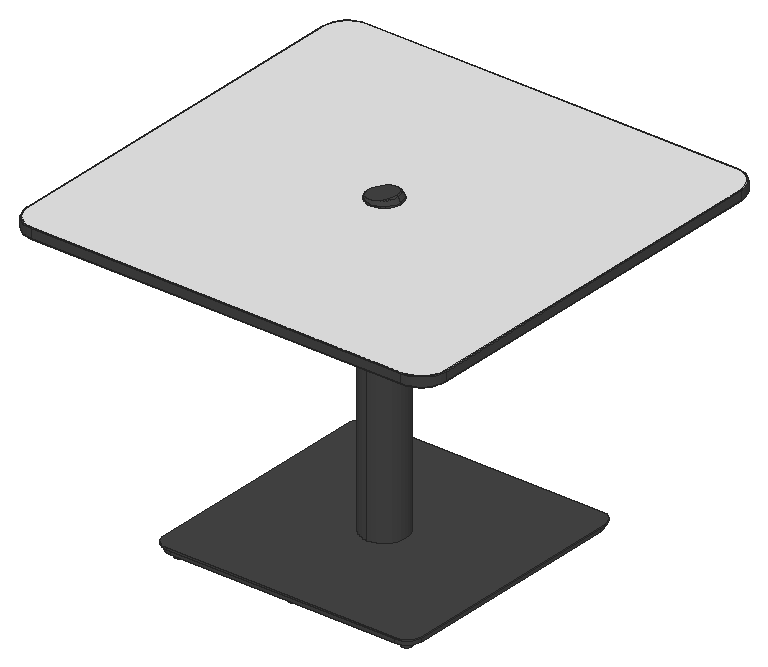
Revit family "DBLTD_TheSenatorGroup_OfficeTables_FortySevenXL", category Furniture, Revit 2021
Family settings
  OmniClass Number = 23.40.20.00
  OmniClass Title = General Furniture and Specialties
  Work Plane-Based = No
  Always vertical = Yes
  Cut with Voids When Loaded = No
  Shared = Yes
  Room Calculation Point = No
Parameters (values of type "Dining Square 1000 mm")
  WorktopMaterial [instance] = DBLTD_TheSenatorGroup_Wood_White
  WorksurfaceArea = NominalWidth * NominalDepth  # 1.00 m²
  WarrantyStartDate [instance] = " "
  WarrantyGuarantorParts = "https://www.thesenatorgroup.com/"
  WarrantyGuarantorLabor = "https://www.thesenatorgroup.com/"
  WarrantyDurationUnit = "years"
  WarrantyDurationParts = "5"
  WarrantyDurationLabor = "5"
  WarrantyDescription = "The Senator Group warrants that its manufactured products are free from manufacturing defects - in materials or workmanship - for a period of five (5) years.\r\nAllermuir will repair, or replace (at Allermuir’s sole discretion) with comparable free of charge materials/ components, any product/ component which fails under normal use in a single shift environment, as a result of a defect in the materials and/or workmanship.\r\n\r\nExceptions -\r\nNon-standard product - 2 years\r\nScreen-mounted Accessories/ Dry-wipe Boards - 2 years\r\nElectrical and/or electronic componentry - 2 years\r\n\r\nExclusions - Allermuir does not warrant:\r\nFailure due to normal “Wear and Tear”.\r\nNatural variations in appearance of wood - its grain, figure and colour.\r\nChanges in surface appearance resulting from exposure to light, and the natural ageing process of wood.\r\nChanges in surface appearance resulting from the misuse of cleaning materials and methods/ damage form sharp objects/ imprinting from writing implements.\r\nNatural variations in Leather - its marks, scars and wrinkles.\r\nProduct stored/ exposed to extreme operational conditions.\r\nConsumable components such as Fuses/ Lights/ lamps/ transformers/etc.\r\nOther Manufacturer’s product supplied by Allermuir (their own warranty shall apply where possible).\r\nNon-standard fabrics/ finishes or veneers used. Allermuir only checks the manufacturing quality of Customer’s\r\nOwn Material (COM) and provides no warranty for the finish/ fabric itself.\r\nProduct which has not been installed/ moved/ reconfigured by Allermuir approved personnel.\r\nAllermuir shall be under no liability whatsoever for any consequential damage, loss or other expenses whether arising out of contract, negligence or otherwise."
  Version = "1"
  Uniclass2015Version = "Products v1.15"
  Uniclass2015Title = "Office tables"
  Uniclass2015Code = "Pr_40_50_21_60"
  URL = "https://www.thesenatorgroup.com/"
  Type Comments = ModelReference  # "Dining Square 1000 mm"
  TopType = Nested_DBLTD_TheSenatorGroup_OfficeTables_FortySevenXL_Top : Square 1000
  TagNumber [instance] = " "
  SustainabilityPerformance = "n/a"
  Size = "740 x 1000 x 1000 mm"
  Shape = "Rectangular"
  SerialNumber [instance] = " "
  Revision = ""
  ReplacementCost = "n/a"
  ProductInformation = "https://www.allermuir.com/en/products/tables-storage/fortysevenxl"
  NumberOfChairs = 0
  NominalWidth = 1000 mm
  NominalHeight = 740 mm
  NominalDepth = 1000 mm
  Name = "Table"
  ModelReference = "Dining Square 1000 mm"
  ModelNumber = "FRSXLD10SQ"
  Model = ModelNumber  # "FRSXLD10SQ"
  Material = "Top; Laminate. Frame; Steel."
  ManufacturerURL = "https://www.thesenatorgroup.com/"
  ManufacturerName = "The Senator Group"
  LegEnd = no
  LegDistance = 1000 mm
  Keynote = Category  # "Pr_40_50_21_60 Office tables"
  InstallationDate [instance] = " "
  Grade = "n/a"
  FrameMaterial [instance] = DBLTD_TheSenatorGroup_Metal_Black
  Finish = "Frame; Black, White, Stone. Top; White, Grey, Platinum, Pewter Grey, Jet Black, Ash, Summer Oak, Biella Walnut. Edge; Solid Black, Solid White, Clear"
  Features = "n/a"
  ExpectedLife = "5"
  EdgeTrimMaterial [instance] = DBLTD_TheSenatorGroup_Wood_Black
  DurationUnit = "years"
  Cost = 0
  Constituents = "Base, Top, Cable Port"
  Color = "Frame; Black, White, Stone. Top; White, Grey, Platinum, Pewter Grey, Jet Black, Ash, Summer Oak, Biella Walnut. Edge; Solid Black, Solid White, Clear"
  CodePerformance = "n/a"
  LegCentre = yes
  Category = "Pr_40_50_21_60 Office tables"
  Manufacturer = ManufacturerName  # "The Senator Group"
  Description = ModelReference  # "Dining Square 1000 mm"
  Default Elevation = 0 mm
  BaseType = Nested_DBLTD_TheSenatorGroup_OfficeTables_FortySevenXL_Base_Square : Square 1000 & 1200
  BarCode [instance] = " "
  Author = "Diane Butterworth Ltd"
  AssetType = "Movable"
  AssetIdentifier [instance] = " "
  Assembly Code = "E2020200"
  AccessibilityPerformance = "n/a"
Types (24, lengths in mm): name | WorksurfaceArea | Type Comments | TopType | Size | NominalWidth | NominalHeight | NominalDepth | ModelReference | ModelNumber | Model | LegEnd | LegDistance | LegCentre | Description | BaseType
  Work Lounge Square 750 mm | 0.5625 m² | "Work Lounge Square 750 mm" | Nested_DBLTD_TheSenatorGroup_OfficeTables_FortySevenXL_Top : Square 750 | "640 x 750 x 750 mm" | 750 | 640 | 750 | "Work Lounge Square 750 mm" | "FRSXLW07SQ" | "FRSXLW07SQ" | no | 1000 | yes | "Work Lounge Square 750 mm" | Nested_DBLTD_TheSenatorGroup_OfficeTables_FortySevenXL_Base_Square : Square 750
  Work Lounge Square 900 mm | 0.81 m² | "Work Lounge Square 900 mm" | Nested_DBLTD_TheSenatorGroup_OfficeTables_FortySevenXL_Top : Square 900 | "640 x 900 x 900 mm" | 900 | 640 | 900 | "Work Lounge Square 900 mm" | "FRSXLW09SQ" | "FRSXLW09SQ" | no | 1000 | yes | "Work Lounge Square 900 mm" | Nested_DBLTD_TheSenatorGroup_OfficeTables_FortySevenXL_Base_Square : Square 900
  Work Lounge Round 750 mm | 0.5625 m² | "Work Lounge Round 750 mm" | Nested_DBLTD_TheSenatorGroup_OfficeTables_FortySevenXL_Top : Round 750 | "640 x 750 x 750 mm" | 750 | 640 | 750 | "Work Lounge Round 750 mm" | "FRSXLW07RD" | "FRSXLW07RD" | no | 1000 | yes | "Work Lounge Round 750 mm" | Nested_DBLTD_TheSenatorGroup_OfficeTables_FortySevenXL_Base_Round : Round 750
  Work Lounge Round 900 mm | 0.81 m² | "Work Lounge Round 900 mm" | Nested_DBLTD_TheSenatorGroup_OfficeTables_FortySevenXL_Top : Round 900 | "640 x 900 x 900 mm" | 900 | 640 | 900 | "Work Lounge Round 900 mm" | "FRSXLW09RD" | "FRSXLW09RD" | no | 1000 | yes | "Work Lounge Round 900 mm" | Nested_DBLTD_TheSenatorGroup_OfficeTables_FortySevenXL_Base_Round : Round 900
  Work Lounge Round 1000 mm | 1.00 m² | "Work Lounge Round 1000 mm" | Nested_DBLTD_TheSenatorGroup_OfficeTables_FortySevenXL_Top : Round 1000 | "640 x 1000 x 1000 mm" | 1000 | 640 | 1000 | "Work Lounge Round 1000 mm" | "FRSXLW10RD" | "FRSXLW10RD" | no | 1000 | yes | "Work Lounge Round 1000 mm" | Nested_DBLTD_TheSenatorGroup_OfficeTables_FortySevenXL_Base_Round : Round 1000 & 1200
  Dining Round 750 mm | 0.5625 m² | "Dining Round 750 mm" | Nested_DBLTD_TheSenatorGroup_OfficeTables_FortySevenXL_Top : Round 750 | "740 x 750 x 750 mm" | 750 | 740 | 750 | "Dining Round 750 mm" | "FRSXLD07RD" | "FRSXLD07RD" | no | 1000 | yes | "Dining Round 750 mm" | Nested_DBLTD_TheSenatorGroup_OfficeTables_FortySevenXL_Base_Round : Round 750
  Dining Round 900 mm | 0.81 m² | "Dining Round 900 mm" | Nested_DBLTD_TheSenatorGroup_OfficeTables_FortySevenXL_Top : Round 900 | "740 x 900 x 900 mm" | 900 | 740 | 900 | "Dining Round 900 mm" | "FRSXLD09RD" | "FRSXLD09RD" | no | 1000 | yes | "Dining Round 900 mm" | Nested_DBLTD_TheSenatorGroup_OfficeTables_FortySevenXL_Base_Round : Round 900
  Dining Round 1000 mm | 1.00 m² | "Dining Round 1000 mm" | Nested_DBLTD_TheSenatorGroup_OfficeTables_FortySevenXL_Top : Round 1000 | "740 x 1000 x 1000 mm" | 1000 | 740 | 1000 | "Dining Round 1000 mm" | "FRSXLD10RD" | "FRSXLD10RD" | no | 1000 | yes | "Dining Round 1000 mm" | Nested_DBLTD_TheSenatorGroup_OfficeTables_FortySevenXL_Base_Round : Round 1000 & 1200
  Dining Round 1200 mm | 1.44 m² | "Dining Round 1200 mm" | Nested_DBLTD_TheSenatorGroup_OfficeTables_FortySevenXL_Top : Round 1200 | "740 x 1200 x 1200 mm" | 1200 | 740 | 1200 | "Dining Round 1200 mm" | "FRSXLD12RD" | "FRSXLD12RD" | no | 1000 | yes | "Dining Round 1200 mm" | Nested_DBLTD_TheSenatorGroup_OfficeTables_FortySevenXL_Base_Round : Round 1000 & 1200
  Dining Square 750 mm | 0.5625 m² | "Dining Square 750 mm" | Nested_DBLTD_TheSenatorGroup_OfficeTables_FortySevenXL_Top : Square 750 | "740 x 750 x 750 mm" | 750 | 740 | 750 | "Dining Square 750 mm" | "FRSXLD07SQ" | "FRSXLD07SQ" | no | 1000 | yes | "Dining Square 750 mm" | Nested_DBLTD_TheSenatorGroup_OfficeTables_FortySevenXL_Base_Square : Square 750
  Dining Square 900 mm | 0.81 m² | "Dining Square 900 mm" | Nested_DBLTD_TheSenatorGroup_OfficeTables_FortySevenXL_Top : Square 900 | "740 x 900 x 900 mm" | 900 | 740 | 900 | "Dining Square 900 mm" | "FRSXLD09SQ" | "FRSXLD09SQ" | no | 1000 | yes | "Dining Square 900 mm" | Nested_DBLTD_TheSenatorGroup_OfficeTables_FortySevenXL_Base_Square : Square 900
  Dining Square 1000 mm | 1.00 m² | "Dining Square 1000 mm" | Nested_DBLTD_TheSenatorGroup_OfficeTables_FortySevenXL_Top : Square 1000 | "740 x 1000 x 1000 mm" | 1000 | 740 | 1000 | "Dining Square 1000 mm" | "FRSXLD10SQ" | "FRSXLD10SQ" | no | 1000 | yes | "Dining Square 1000 mm" | Nested_DBLTD_TheSenatorGroup_OfficeTables_FortySevenXL_Base_Square : Square 1000 & 1200
  Dining Square 1200 mm | 1.44 m² | "Dining Square 1200 mm" | Nested_DBLTD_TheSenatorGroup_OfficeTables_FortySevenXL_Top : Square 1200 | "740 x 1200 x 1200 mm" | 1200 | 740 | 1200 | "Dining Square 1200 mm" | "FRSXLD12SQ" | "FRSXLD12SQ" | no | 1000 | yes | "Dining Square 1200 mm" | Nested_DBLTD_TheSenatorGroup_OfficeTables_FortySevenXL_Base_Square : Square 1000 & 1200
  Dining Rectangular 1000 x 900 mm | 0.90 m² | "Dining Rectangular 1000 x 900 mm" | Nested_DBLTD_TheSenatorGroup_OfficeTables_FortySevenXL_Top : Rectangular 1000 x 900 | "740 x 1000 x 900 mm" | 1000 | 740 | 900 | "Dining Rectangular 1000 x 900 mm" | "FRSXLD1009RC" | "FRSXLD1009RC" | no | 1000 | yes | "Dining Rectangular 1000 x 900 mm" | Nested_DBLTD_TheSenatorGroup_OfficeTables_FortySevenXL_Base_Square : Square 1000 & 1200
  Dining Rectangular 1200 x 900 mm | 1.08 m² | "Dining Rectangular 1200 x 900 mm" | Nested_DBLTD_TheSenatorGroup_OfficeTables_FortySevenXL_Top : Rectangular 1200 x 900 | "740 x 1200 x 900 mm" | 1200 | 740 | 900 | "Dining Rectangular 1200 x 900 mm" | "FRSXLD1209RC" | "FRSXLD1209RC" | no | 1000 | yes | "Dining Rectangular 1200 x 900 mm" | Nested_DBLTD_TheSenatorGroup_OfficeTables_FortySevenXL_Base_Square : Square 1000 & 1200
  Dining Rectangular 1200 x 1000 mm | 1.20 m² | "Dining Rectangular 1200 x 1000 mm" | Nested_DBLTD_TheSenatorGroup_OfficeTables_FortySevenXL_Top : Rectangular 1200 x 1000 | "740 x 1200 x 1000 mm" | 1200 | 740 | 1000 | "Dining Rectangular 1200 x 1000 mm" | "FRSXLD1210RC" | "FRSXLD1210RC" | no | 1000 | yes | "Dining Rectangular 1200 x 1000 mm" | Nested_DBLTD_TheSenatorGroup_OfficeTables_FortySevenXL_Base_Square : Square 1000 & 1200
  Dining Rectangular 1500 x 900 mm | 1.35 m² | "Dining Rectangular 1500 x 900 mm" | Nested_DBLTD_TheSenatorGroup_OfficeTables_FortySevenXL_Top : Rectangular 1500 x 900 | "740 x 1500 x 900 mm" | 1500 | 740 | 900 | "Dining Rectangular 1500 x 900 mm" | "FRSXLD1509RC" | "FRSXLD1509RC" | yes | 315 | no | "Dining Rectangular 1500 x 900 mm" | Nested_DBLTD_TheSenatorGroup_OfficeTables_FortySevenXL_Base_Square : Square 900
  Dining Rectangular 1800 x 900 mm | 1.62 m² | "Dining Rectangular 1800 x 900 mm" | Nested_DBLTD_TheSenatorGroup_OfficeTables_FortySevenXL_Top : Rectangular 1800 x 900 | "740 x 1800 x 900 mm" | 1800 | 740 | 900 | "Dining Rectangular 1800 x 900 mm" | "FRSXLD1809RC" | "FRSXLD1809RC" | yes | 465 | no | "Dining Rectangular 1800 x 900 mm" | Nested_DBLTD_TheSenatorGroup_OfficeTables_FortySevenXL_Base_Square : Square 900
  Dining Rectangular 2100 x 900 mm | 1.89 m² | "Dining Rectangular 2100 x 900 mm" | Nested_DBLTD_TheSenatorGroup_OfficeTables_FortySevenXL_Top : Rectangular 2100 x 900 | "740 x 2100 x 900 mm" | 2100 | 740 | 900 | "Dining Rectangular 2100 x 900 mm" | "FRSXLD2109RC" | "FRSXLD2109RC" | yes | 543.5 | no | "Dining Rectangular 2100 x 900 mm" | Nested_DBLTD_TheSenatorGroup_OfficeTables_FortySevenXL_Base_Square : Square 900
  Dining Rectangular 2400 x 900 mm | 2.16 m² | "Dining Rectangular 2400 x 900 mm" | Nested_DBLTD_TheSenatorGroup_OfficeTables_FortySevenXL_Top : Rectangular 2400 x 900 | "740 x 2400 x 900 mm" | 2400 | 740 | 900 | "Dining Rectangular 2400 x 900 mm" | "FRSXLD2409RC" | "FRSXLD2409RC" | yes | 693.5 | no | "Dining Rectangular 2400 x 900 mm" | Nested_DBLTD_TheSenatorGroup_OfficeTables_FortySevenXL_Base_Square : Square 900
  Dining Rectangular 1500 x 1000 mm | 1.50 m² | "Dining Rectangular 1500 x 1000 mm" | Nested_DBLTD_TheSenatorGroup_OfficeTables_FortySevenXL_Top : Rectangular 1500 x 1000 | "740 x 1500 x 1000 mm" | 1500 | 740 | 1000 | "Dining Rectangular 1500 x 1000 mm" | "FRSXLD1510RC" | "FRSXLD1510RC" | yes | 315 | no | "Dining Rectangular 1500 x 1000 mm" | Nested_DBLTD_TheSenatorGroup_OfficeTables_FortySevenXL_Base_Square : Square 1000 & 1200
  Dining Rectangular 1800 x 1000 mm | 1.80 m² | "Dining Rectangular 1800 x 1000 mm" | Nested_DBLTD_TheSenatorGroup_OfficeTables_FortySevenXL_Top : Rectangular 1800 x 1000 | "740 x 1800 x 1000 mm" | 1800 | 740 | 1000 | "Dining Rectangular 1800 x 1000 mm" | "FRSXLD1810RC" | "FRSXLD1810RC" | yes | 465 | no | "Dining Rectangular 1800 x 1000 mm" | Nested_DBLTD_TheSenatorGroup_OfficeTables_FortySevenXL_Base_Square : Square 1000 & 1200
  Dining Rectangular 2100 x 1000 mm | 2.10 m² | "Dining Rectangular 2100 x 1000 mm" | Nested_DBLTD_TheSenatorGroup_OfficeTables_FortySevenXL_Top : Rectangular 2100 x 1000 | "740 x 2100 x 1000 mm" | 2100 | 740 | 1000 | "Dining Rectangular 2100 x 1000 mm" | "FRSXLD2110RC" | "FRSXLD2110RC" | yes | 543.5 | no | "Dining Rectangular 2100 x 1000 mm" | Nested_DBLTD_TheSenatorGroup_OfficeTables_FortySevenXL_Base_Square : Square 1000 & 1200
  Dining Rectangular 2400 x 1000 mm | 2.40 m² | "Dining Rectangular 2400 x 1000 mm" | Nested_DBLTD_TheSenatorGroup_OfficeTables_FortySevenXL_Top : Rectangular 2400 x 1000 | "740 x 2400 x 1000 mm" | 2400 | 740 | 1000 | "Dining Rectangular 2400 x 1000 mm" | "FRSXLD2410RC" | "FRSXLD2410RC" | yes | 693.5 | no | "Dining Rectangular 2400 x 1000 mm" | Nested_DBLTD_TheSenatorGroup_OfficeTables_FortySevenXL_Base_Square : Square 1000 & 1200
Reference planes
  plane 1 "Center (Front/Back)": y = 0
  plane 2: z = 0
  plane 3 "Center (Left/Right)": x = 0
  plane 4: z = 740
  plane 5: z = 715
  plane 6: x = 1000
  plane 7: x = -1000
Dimensions and locks
  "NominalHeight": plane 4 to level
  plane 4 to plane 5 = 25 mm
  "LegDistance": plane 7 to plane 3 "Center (Left/Right)"
  "LegDistance": plane 3 "Center (Left/Right)" to plane 6
  aligned and locked: level to plane 2
  aligned and locked: plane 4 to nested 3
  aligned and locked: plane 4 to nested 1
  aligned and locked: plane 7 to nested 4
  aligned and locked: plane 6 to nested 5
  aligned and locked: plane 7 to nested 6
  aligned and locked: plane 6 to nested 7
  aligned and locked: plane 4 to nested 6
  aligned and locked: plane 4 to nested 7
Nested families
  nested 1: "Nested_DBLTD_TheSenatorGroup_OfficeTables_FortySevenXL_Port" at (0, 0, 740), visible <- "LegCentre", type "Nested_DBLTD_TheSenatorGroup_OfficeTables_FortySevenXL_Port"
  nested 2: "Nested_DBLTD_TheSenatorGroup_OfficeTables_FortySevenXL_Base_Square" at (0, 0, 0), FrameMaterial <- "FrameMaterial", type <- "BaseType", Height <- "NominalHeight", visible <- "LegCentre", type "Square 1000 & 1200"
    with Height 740 mm, FrameMaterial DBLTD_TheSenatorGroup_Metal_Black
  nested 3: "Nested_DBLTD_TheSenatorGroup_OfficeTables_FortySevenXL_Top" at (0, 0, 715), WorktopMaterial <- "WorktopMaterial", EdgeTrimMaterial <- "EdgeTrimMaterial", type <- "TopType", type "Square 1000"
    with WorktopMaterial DBLTD_TheSenatorGroup_Wood_White, EdgeTrimMaterial DBLTD_TheSenatorGroup_Wood_Black
  nested 4: "Nested_DBLTD_TheSenatorGroup_OfficeTables_FortySevenXL_Base_Square" at (-1000, 0, 0), FrameMaterial <- "FrameMaterial", type <- "BaseType", Height <- "NominalHeight", visible <- "LegEnd", type "Square 1000 & 1200"
    with Height 740 mm, FrameMaterial DBLTD_TheSenatorGroup_Metal_Black
  nested 5: "Nested_DBLTD_TheSenatorGroup_OfficeTables_FortySevenXL_Base_Square" at (1000, 0, 0) x (-1, 0, 0) z (0, 0, 1), FrameMaterial <- "FrameMaterial", type <- "BaseType", Height <- "NominalHeight", visible <- "LegEnd", type "Square 1000 & 1200"
    with Height 740 mm, FrameMaterial DBLTD_TheSenatorGroup_Metal_Black
  nested 6: "Nested_DBLTD_TheSenatorGroup_OfficeTables_FortySevenXL_Port" at (-1000, 0, 740), visible <- "LegEnd", type "Nested_DBLTD_TheSenatorGroup_OfficeTables_FortySevenXL_Port"
  nested 7: "Nested_DBLTD_TheSenatorGroup_OfficeTables_FortySevenXL_Port" at (1000, 0, 740), visible <- "LegEnd", type "Nested_DBLTD_TheSenatorGroup_OfficeTables_FortySevenXL_Port"
Definition of nested family "Nested_DBLTD_TheSenatorGroup_OfficeTables_FortySevenXL_Port"
  Parameters (values of type "Nested_DBLTD_TheSenatorGroup_OfficeTables_FortySevenXL_Port")
    Default Elevation = 0 mm
  Reference planes
    plane 1 "Center (Front/Back)": y = 0
    plane 2: z = 0
    plane 3 "Center (Left/Right)": x = 0
    plane 4: x = -375
    plane 5: x = 375
    plane 6: y = 375
    plane 7: y = -375
  Forms (mm)
    Revolve 1, solid
      sketch origin (0, 0, 0) x (1, 0, 0) y (0, 0, 1)
        loop
          line (0, 0) -> (39.394, 0) -> (39.394, 3.36) -> (32.697, 12.924)
          arc (32.697, 12.924) -> (30.434, 14.909) -> (27.509, 15.625) r 6.333
          line (27.509, 15.625) -> (0, 15.625) -> (0, 0)
        axis (0, 15.625) -> (0, 0)
      angle from 0 to 360
    Extrusion 2, void
      sketch origin (0, 0, 0) x (1, 0, 0) y (0, 0, 1)
        loop
          line (-40.444, 3.177) -> (30.806, 15.625) -> (-40.444, 15.625) -> (-40.444, 3.177)
      from -43.174 to 45.647
  Cuts and joins
    Extrusion 2 cuts Revolve 1
  Dimensions and locks
    equal spacing: plane 6, plane 1 "Center (Front/Back)", plane 7
    equal spacing: plane 4, plane 3 "Center (Left/Right)", plane 5
    plane 6 to plane 7 = 750 mm
    plane 4 to plane 5 = 750 mm
    aligned and locked: level to plane 2
  Automatic sketch dimensions
    plane 3 "Center (Left/Right)" to Extrusion 2 sketch curve = 30.806 mm
    level to Extrusion 2 sketch curve = 15.625 mm
    Extrusion 2 sketch curve to plane 3 "Center (Left/Right)" = 40.444 mm
    level to Extrusion 2 sketch curve = 3.177 mm
    Revolve 1 sketch curve to level = 0 mm
    Revolve 1 sketch curve to plane 3 "Center (Left/Right)" = 0 mm  (x2)
    level to Revolve 1 sketch curve = 9.292 mm
    plane 3 "Center (Left/Right)" to Revolve 1 sketch curve = 27.509 mm
    level to Revolve 1 sketch curve = 12.924 mm
    Revolve 1 sketch curve to Revolve 1 sketch curve = 5.188 mm
    level to Revolve 1 sketch curve = 3.36 mm
    Revolve 1 sketch curve to Revolve 1 sketch curve = 6.697 mm
    Revolve 1 sketch curve to Revolve 1 sketch curve = 7.261 mm
    Revolve 1 sketch curve to Revolve 1 sketch curve = 2.114 mm
Definition of nested family "Nested_DBLTD_TheSenatorGroup_OfficeTables_FortySevenXL_Base_Square"
  Parameters (values of type "Square 900")
    Height [instance] = 652.275 mm
    FrameMaterial [instance] = none
    Default Elevation = 0 mm
    900 = yes
    750 = no
    1000 = no
  Types (3, lengths in mm): name | 900 | 750 | 1000
    Square 750 | no | yes | no
    Square 900 | yes | no | no
    Square 1000 & 1200 | no | no | yes
  Reference planes
    plane 1 "Center (Front/Back)": y = 0
    plane 2: z = 0
    plane 3 "Center (Left/Right)": x = 0
    plane 4: z = 652.275
    plane 5: z = 627.275
    plane 6: z = 622.275
  Forms (mm)
    Revolve 1, solid, material <- "FrameMaterial"
      sketch origin (0, 0, 0) x (0, 1, 0) y (0, 0, 1)
        loop
          line (0, 30.49) -> (0, 608.775) -> (-50.8, 608.775) -> (-50.8, 30.49) -> (0, 30.49)
        axis (0, 608.775) -> (0, 30.49)
      angle from 0 to 360
    Extrusion 2, solid, material <- "FrameMaterial", visible <- "750"
      sketch origin (0, 0, 0) x (1, 0, 0) y (0, 1, 0)
        loop
          arc (-192.5, 232.5) -> (-220.784, 220.784) -> (-232.5, 192.5) r 40
          line (-232.5, 192.5) -> (-232.5, -192.5)
          arc (-232.5, -192.5) -> (-220.784, -220.784) -> (-192.5, -232.5) r 40
          line (-192.5, -232.5) -> (192.5, -232.5)
          arc (192.5, -232.5) -> (220.784, -220.784) -> (232.5, -192.5) r 40
          line (232.5, -192.5) -> (232.5, 192.5)
          arc (232.5, 192.5) -> (220.784, 220.784) -> (192.5, 232.5) r 40
          line (192.5, 232.5) -> (-192.5, 232.5)
      from 27.49 to 30.49
    Extrusion 3, solid, material <- "FrameMaterial", visible <- "750"
      sketch origin (0, 0, 0) x (1, 0, 0) y (0, 1, 0)
        loop
          arc (-192.5, 227) -> (-216.895, 216.895) -> (-227, 192.5) r 34.5
          line (-227, 192.5) -> (-227, -192.5)
          arc (-227, -192.5) -> (-216.895, -216.895) -> (-192.5, -227) r 34.5
          line (-192.5, -227) -> (192.5, -227)
          arc (192.5, -227) -> (216.895, -216.895) -> (227, -192.5) r 34.5
          line (227, -192.5) -> (227, 192.5)
          arc (227, 192.5) -> (216.895, 216.895) -> (192.5, 227) r 34.5
          line (192.5, 227) -> (-192.5, 227)
      from 15.49 to 27.49
    Extrusion 4, solid, visible <- "750"
      sketch origin (0, 0, 0) x (1, 0, 0) y (0, 1, 0)
        loop
          circle (-195.016, 195.016) r 12
        loop
          circle (0, 195.016) r 12
        loop
          circle (195.016, 195.016) r 12
        loop
          circle (-195.016, -195.016) r 12
        loop
          circle (0, -195.016) r 12
        loop
          circle (195.016, -195.016) r 12
        loop
          circle (-195.016, 0) r 12
        loop
          circle (195.016, 0) r 12
      from 0 to 15.49
    Extrusion 5, solid, material <- "FrameMaterial"
      sketch origin (0, 0, 15.6) x (1, 0, 0) y (0, 1, 0)
        loop
          arc (-95.5, 175.5) -> (-152.069, 152.069) -> (-175.5, 95.5) r 80
          line (-175.5, 95.5) -> (-175.5, -95.5)
          arc (-175.5, -95.5) -> (-152.069, -152.069) -> (-95.5, -175.5) r 80
          line (-95.5, -175.5) -> (95.5, -175.5)
          arc (95.5, -175.5) -> (152.069, -152.069) -> (175.5, -95.5) r 80
          line (175.5, -95.5) -> (175.5, 95.5)
          arc (175.5, 95.5) -> (152.069, 152.069) -> (95.5, 175.5) r 80
          line (95.5, 175.5) -> (-95.5, 175.5)
      from 606.675 to 611.675
    Extrusion 6, solid, material <- "FrameMaterial", visible <- "900"
      sketch origin (0, 0, 0) x (1, 0, 0) y (0, 1, 0)
        loop
          arc (-222.5, 257.5) -> (-247.249, 247.249) -> (-257.5, 222.5) r 35
          line (-257.5, 222.5) -> (-257.5, -222.5)
          arc (-257.5, -222.5) -> (-247.249, -247.249) -> (-222.5, -257.5) r 35
          line (-222.5, -257.5) -> (222.5, -257.5)
          arc (222.5, -257.5) -> (247.249, -247.249) -> (257.5, -222.5) r 35
          line (257.5, -222.5) -> (257.5, 222.5)
          arc (257.5, 222.5) -> (247.249, 247.249) -> (222.5, 257.5) r 35
          line (222.5, 257.5) -> (-222.5, 257.5)
      from 27.49 to 30.49
    Extrusion 7, solid, material <- "FrameMaterial", visible <- "900"
      sketch origin (0, 0, 0) x (1, 0, 0) y (0, 1, 0)
        loop
          arc (-217, 252) -> (-241.749, 241.749) -> (-252, 217) r 35
          line (-252, 217) -> (-252, -217)
          arc (-252, -217) -> (-241.749, -241.749) -> (-217, -252) r 35
          line (-217, -252) -> (217, -252)
          arc (217, -252) -> (241.749, -241.749) -> (252, -217) r 35
          line (252, -217) -> (252, 217)
          arc (252, 217) -> (241.749, 241.749) -> (217, 252) r 35
          line (217, 252) -> (-217, 252)
      from 15.49 to 27.49
    Extrusion 8, solid, visible <- "900"
      sketch origin (0, 0, 0) x (1, 0, 0) y (0, 1, 0)
        loop
          circle (-219.765, 219.765) r 12
        loop
          circle (0, 220.016) r 12
        loop
          circle (219.765, 219.765) r 12
        loop
          circle (-219.765, -219.765) r 12
        loop
          circle (0, -220.016) r 12
        loop
          circle (219.765, -219.765) r 12
        loop
          circle (-220.016, 0) r 12
        loop
          circle (220.016, 0) r 12
      from 0 to 15.49
    Extrusion 9, solid, material <- "FrameMaterial", visible <- "1000"
      sketch origin (0, 0, 0) x (1, 0, 0) y (0, 1, 0)
        loop
          arc (-267, 302) -> (-291.749, 291.749) -> (-302, 267) r 35
          line (-302, 267) -> (-302, -267)
          arc (-302, -267) -> (-291.749, -291.749) -> (-267, -302) r 35
          line (-267, -302) -> (267, -302)
          arc (267, -302) -> (291.749, -291.749) -> (302, -267) r 35
          line (302, -267) -> (302, 267)
          arc (302, 267) -> (291.749, 291.749) -> (267, 302) r 35
          line (267, 302) -> (-267, 302)
      from 15.49 to 27.49
    Extrusion 10, solid, visible <- "1000"
      sketch origin (0, 0, 0) x (1, 0, 0) y (0, 1, 0)
        loop
          circle (-271.03, 271.03) r 12
        loop
          circle (0, 270.016) r 12
        loop
          circle (271.03, 271.03) r 12
        loop
          circle (-271.03, -271.03) r 12
        loop
          circle (0, -270.016) r 12
        loop
          circle (271.03, -271.03) r 12
        loop
          circle (-270.016, 0) r 12
        loop
          circle (270.016, 0) r 12
      from 0 to 15.49
    Extrusion 11, solid, material <- "FrameMaterial", visible <- "1000"
      sketch origin (0, 0, 0) x (1, 0, 0) y (0, 1, 0)
        loop
          arc (-272.5, 307.5) -> (-297.249, 297.249) -> (-307.5, 272.5) r 35
          line (-307.5, 272.5) -> (-307.5, -272.5)
          arc (-307.5, -272.5) -> (-297.249, -297.249) -> (-272.5, -307.5) r 35
          line (-272.5, -307.5) -> (272.5, -307.5)
          arc (272.5, -307.5) -> (297.249, -297.249) -> (307.5, -272.5) r 35
          line (307.5, -272.5) -> (307.5, 272.5)
          arc (307.5, 272.5) -> (297.249, 297.249) -> (272.5, 307.5) r 35
          line (272.5, 307.5) -> (-272.5, 307.5)
      from 27.49 to 30.49
    Revolve 12, solid, material <- "FrameMaterial"
      sketch origin (0, 0, 12.285) x (0, 1, 0) y (0, 0, 1)
        loop
          line (0, 596.49) -> (0, 609.99) -> (-115.236, 609.99) -> (-69.667, 596.49) -> (0, 596.49)
        axis (0, 609.99) -> (0, 596.49)
      angle from 0 to 360
    Revolve 13, solid, material <- "FrameMaterial", not visible
      sketch origin (0, 0, 0) x (0, 1, 0) y (0, 0, 1)
        loop
          line (0, 596.49) -> (0, 609.99) -> (-115.236, 609.99) -> (-69.667, 596.49) -> (0, 596.49)
        axis (0, 609.99) -> (0, 596.49)
      angle from 0 to 360
  Dimensions and locks
    plane 4 to plane 5 to plane 6 = 25 mm locked, 5 mm locked
    "Height": plane 4 to level
    aligned and locked: level to plane 2
    aligned and locked: plane 5 to Extrusion 5
    aligned and locked: Extrusion 5 to plane 6
    aligned and locked: Revolve 12 to plane 6
    aligned and locked: Revolve 12 to Revolve 1
  Automatic sketch dimensions
    Revolve 1 sketch curve to plane 1 "Center (Front/Back)" = 0 mm  (x2)
    plane 1 "Center (Front/Back)" to Revolve 1 sketch curve = 50.8 mm
    level to Revolve 1 sketch curve = 30.49 mm
    Revolve 1 sketch curve to plane 6 = 13.5 mm
    plane 5 to Revolve 1 sketch curve = 12.402 mm
    plane 4 to Revolve 1 sketch curve = 47.115 mm
    Extrusion 2 sketch curve to plane 3 "Center (Left/Right)" = 232.5 mm
    Extrusion 2 sketch curve to Extrusion 2 sketch curve = 40 mm  (x3)
    plane 3 "Center (Left/Right)" to Extrusion 2 sketch curve = 192.5 mm  (x2)
    plane 1 "Center (Front/Back)" to Extrusion 2 sketch curve = 232.5 mm
    Extrusion 2 sketch curve to plane 1 "Center (Front/Back)" = 192.5 mm
    Extrusion 3 sketch curve to plane 3 "Center (Left/Right)" = 227 mm
    Extrusion 3 sketch curve to Extrusion 3 sketch curve = 34.5 mm  (x3)
    plane 3 "Center (Left/Right)" to Extrusion 3 sketch curve = 192.5 mm  (x2)
    plane 1 "Center (Front/Back)" to Extrusion 3 sketch curve = 227 mm
    Extrusion 3 sketch curve to plane 1 "Center (Front/Back)" = 192.5 mm
    plane 1 "Center (Front/Back)" to Extrusion 4 sketch curve = 0 mm  (x2)
    Extrusion 4 sketch curve to plane 3 "Center (Left/Right)" = 0 mm  (x2)
    Extrusion 4 sketch curve to Extrusion 4 sketch curve = 195.016 mm
    Extrusion 4 sketch curve to plane 3 "Center (Left/Right)" = 195.016 mm  (x2)
    plane 3 "Center (Left/Right)" to Extrusion 4 sketch curve = 195.016 mm  (x3)
    plane 1 "Center (Front/Back)" to Extrusion 4 sketch curve = 195.016 mm
    Extrusion 4 sketch curve to Extrusion 4 sketch curve = 0 mm  (x4)
    Extrusion 4 sketch curve to plane 1 "Center (Front/Back)" = 195.016 mm
    Extrusion 5 sketch curve to plane 3 "Center (Left/Right)" = 175.5 mm
    Extrusion 5 sketch curve to plane 3 "Center (Left/Right)" = 95.5 mm
    Extrusion 5 sketch curve to Extrusion 5 sketch curve = 80 mm  (x2)
    plane 3 "Center (Left/Right)" to Extrusion 5 sketch curve = 95.5 mm  (x2)
    plane 1 "Center (Front/Back)" to Extrusion 5 sketch curve = 175.5 mm
    Extrusion 5 sketch curve to plane 1 "Center (Front/Back)" = 95.5 mm
    Extrusion 6 sketch curve to plane 3 "Center (Left/Right)" = 257.5 mm
    Extrusion 6 sketch curve to Extrusion 6 sketch curve = 35 mm  (x3)
    plane 3 "Center (Left/Right)" to Extrusion 6 sketch curve = 222.5 mm  (x2)
    plane 1 "Center (Front/Back)" to Extrusion 6 sketch curve = 257.5 mm
    Extrusion 6 sketch curve to plane 1 "Center (Front/Back)" = 222.5 mm
    Extrusion 7 sketch curve to plane 3 "Center (Left/Right)" = 252 mm
    Extrusion 7 sketch curve to Extrusion 7 sketch curve = 35 mm  (x3)
    plane 3 "Center (Left/Right)" to Extrusion 7 sketch curve = 217 mm  (x2)
    plane 1 "Center (Front/Back)" to Extrusion 7 sketch curve = 252 mm
    Extrusion 7 sketch curve to plane 1 "Center (Front/Back)" = 217 mm
    plane 1 "Center (Front/Back)" to Extrusion 8 sketch curve = 0 mm  (x2)
    Extrusion 8 sketch curve to plane 3 "Center (Left/Right)" = 0 mm  (x2)
    Extrusion 8 sketch curve to plane 3 "Center (Left/Right)" = 219.765 mm  (x2)
    Extrusion 8 sketch curve to Extrusion 8 sketch curve = 0.251 mm  (x4)
    plane 3 "Center (Left/Right)" to Extrusion 8 sketch curve = 219.765 mm  (x2)
    plane 1 "Center (Front/Back)" to Extrusion 8 sketch curve = 219.765 mm  (x2)
    Extrusion 8 sketch curve to plane 1 "Center (Front/Back)" = 219.765 mm  (x2)
    Extrusion 9 sketch curve to plane 3 "Center (Left/Right)" = 302 mm
    Extrusion 9 sketch curve to Extrusion 9 sketch curve = 35 mm  (x3)
    plane 3 "Center (Left/Right)" to Extrusion 9 sketch curve = 267 mm  (x2)
    plane 1 "Center (Front/Back)" to Extrusion 9 sketch curve = 302 mm
    Extrusion 9 sketch curve to plane 1 "Center (Front/Back)" = 267 mm
    plane 1 "Center (Front/Back)" to Extrusion 10 sketch curve = 0 mm  (x2)
    Extrusion 10 sketch curve to plane 3 "Center (Left/Right)" = 0 mm  (x2)
    Extrusion 10 sketch curve to plane 3 "Center (Left/Right)" = 270.016 mm
    Extrusion 10 sketch curve to plane 3 "Center (Left/Right)" = 271.03 mm  (x2)
    plane 3 "Center (Left/Right)" to Extrusion 10 sketch curve = 270.016 mm
    plane 3 "Center (Left/Right)" to Extrusion 10 sketch curve = 271.03 mm  (x2)
    plane 1 "Center (Front/Back)" to Extrusion 10 sketch curve = 270.016 mm
    plane 1 "Center (Front/Back)" to Extrusion 10 sketch curve = 271.03 mm  (x2)
    Extrusion 10 sketch curve to plane 1 "Center (Front/Back)" = 270.016 mm
    Extrusion 10 sketch curve to plane 1 "Center (Front/Back)" = 271.03 mm  (x2)
    Extrusion 11 sketch curve to plane 3 "Center (Left/Right)" = 307.5 mm
    Extrusion 11 sketch curve to Extrusion 11 sketch curve = 35 mm  (x3)
    plane 3 "Center (Left/Right)" to Extrusion 11 sketch curve = 272.5 mm  (x2)
    plane 1 "Center (Front/Back)" to Extrusion 11 sketch curve = 307.5 mm
    Extrusion 11 sketch curve to plane 1 "Center (Front/Back)" = 272.5 mm
    Revolve 12 sketch curve to Revolve 12 sketch curve = 45.569 mm
    Revolve 12 sketch curve to Revolve 12 sketch curve = 69.667 mm
    Revolve 12 sketch curve to Revolve 12 sketch curve = 13.5 mm
    Revolve 12 sketch curve to Revolve 12 sketch curve = 0 mm
    Revolve 12 sketch curve to Revolve 12 sketch curve = 29.687 mm
    Revolve 12 sketch curve to Revolve 12 sketch curve = 59.713 mm
    Revolve 13 sketch curve to Revolve 13 sketch curve = 45.569 mm
    Revolve 13 sketch curve to Revolve 13 sketch curve = 69.667 mm
    Revolve 13 sketch curve to Revolve 13 sketch curve = 13.5 mm
    Revolve 13 sketch curve to Revolve 13 sketch curve = 0 mm
    Revolve 13 sketch curve to Revolve 13 sketch curve = 29.687 mm
    Revolve 13 sketch curve to Revolve 13 sketch curve = 59.713 mm
    radius of Extrusion 4 sketch curve = 12 mm  (x8)
    radius of Extrusion 8 sketch curve = 12 mm  (x8)
    radius of Extrusion 10 sketch curve = 12 mm  (x8)
Definition of nested family "Nested_DBLTD_TheSenatorGroup_OfficeTables_FortySevenXL_Top"
  Parameters (values of type "Rectangular 1500 x 900")
    WorktopMaterial [instance] = none
    Width = 1500 mm
    IsSquare = yes
    IsRound = no
    EdgeTrimMaterial [instance] = none
    Depth = 900 mm
    Default Elevation = 0 mm
  Types (20, lengths in mm): name | Width | IsSquare | IsRound | Depth
    (no name) | 1500 | yes | no | 900
    Square 750 | 750 | yes | no | 750
    Square 1000 | 1000 | yes | no | 1000
    Round 750 | 750 | no | yes | 750
    Round 900 | 900 | no | yes | 900
    Round 1000 | 1000 | no | yes | 1000
    Round 1200 | 1200 | no | yes | 1200
    Square 1200 | 1200 | yes | no | 1200
    Rectangular 1000 x 900 | 1000 | yes | no | 900
    Rectangular 1200 x 900 | 1200 | yes | no | 900
    Rectangular 1200 x 1000 | 1200 | yes | no | 1000
    Rectangular 1600 x 900 | 1600 | yes | no | 900
    Rectangular 1800 x 900 | 1800 | yes | no | 900
    Rectangular 2100 x 900 | 2100 | yes | no | 900
    Rectangular 2400 x 900 | 2400 | yes | no | 900
    Rectangular 1500 x 1000 | 1500 | yes | no | 1000
    Rectangular 1800 x 1000 | 1800 | yes | no | 1000
    Rectangular 2100 x 1000 | 2100 | yes | no | 1000
    Rectangular 2400 x 1000 | 2400 | yes | no | 1000
    Rectangular 1500 x 900 | 1500 | yes | no | 900
  Reference planes
    plane 1 "Center (Front/Back)": y = 0
    plane 2: z = 0
    plane 3 "Center (Left/Right)": x = 0
    plane 4: x = -750
    plane 5: x = 750
    plane 6: y = 450
    plane 7: y = -450
  Forms (mm)
    Extrusion 1, solid, material <- "WorktopMaterial", visible <- "IsSquare"
      sketch origin (0, 0, 0) x (1, 0, 0) y (0, 1, 0)
        loop
          arc (-690, 448) -> (-731.012, 431.012) -> (-748, 390) r 58
          line (-748, 390) -> (-748, -390)
          arc (-748, -390) -> (-731.012, -431.012) -> (-690, -448) r 58
          line (-690, -448) -> (690, -448)
          arc (690, -448) -> (731.012, -431.012) -> (748, -390) r 58
          line (748, -390) -> (748, 390)
          arc (748, 390) -> (731.012, 431.012) -> (690, 448) r 58
          line (690, 448) -> (-690, 448)
      from 0 to 25
    Sweep 2, solid, material <- "EdgeTrimMaterial", visible <- "IsSquare"
      path in 3D
        loop
          arc (-748, -390, 25) -> (-731.012, -431.012, 25) -> (-690, -448, 25) r 58
          line (-690, -448, 25) -> (690, -448, 25)
          arc (690, -448, 25) -> (731.012, -431.012, 25) -> (748, -390, 25) r 58
          line (748, -390, 25) -> (748, 390, 25)
          arc (748, 390, 25) -> (731.012, 431.012, 25) -> (690, 448, 25) r 58
          line (690, 448, 25) -> (-690, 448, 25)
          arc (-690, 448, 25) -> (-731.012, 431.012, 25) -> (-748, 390, 25) r 58
          line (-748, 390, 25) -> (-748, -390, 25)
      profile origin (-748, 0, 25) x (1, 0, 0) y (0, 0, 1)
        loop
          line (0, 0) -> (-2, -2) -> (-2, -23) -> (0, -25) -> (0, 0)
    Extrusion 3, solid, material <- "WorktopMaterial", visible <- "IsRound"
      sketch origin (0, 0, 0) x (1, 0, 0) y (0, 1, 0)
        loop
          circle (0, 0) r 750
      from 0 to 25
    Sweep 4, void
      path in 3D
        loop
          arc (750, 0, 25) -> (0, -750, 25) -> (-750, 0, 25) r 750
          arc (-750, 0, 25) -> (0, 750, 25) -> (750, 0, 25) r 750
      profile origin (0, 750, 25) x (0, 1, 0) y (0, 0, 1)
        loop
          line (0, 0) -> (-2, 0) -> (0, -2) -> (0, 0)
        loop
          line (0, -25) -> (0, -23) -> (-2, -25) -> (0, -25)
  Cuts and joins
    Sweep 4 cuts Extrusion 3
  Lines and regions (mm)
    sketch lines
      curve 1: line (-748, 390, 25) -> (-748, -390, 25)
      curve 2: arc (-748, 390, 25) -> (-731.012, 431.012, 25) -> (-690, 448, 25) r 58
      curve 3: line (690, 448, 25) -> (-690, 448, 25)
      curve 4: line (-690, -448, 25) -> (690, -448, 25)
      curve 5: arc (-690, -448, 25) -> (-731.012, -431.012, 25) -> (-748, -390, 25) r 58
      curve 6: arc (748, -390, 25) -> (731.012, -431.012, 25) -> (690, -448, 25) r 58
      curve 7: line (748, -390, 25) -> (748, 390, 25)
      curve 8: arc (690, 448, 25) -> (731.012, 431.012, 25) -> (748, 390, 25) r 58
      curve 9: arc (-750, 0, 25) -> (0, 750, 25) -> (750, 0, 25) r 750
      curve 10: arc (750, 0, 25) -> (0, -750, 25) -> (-750, 0, 25) r 750
  Dimensions and locks
    equal spacing: plane 6, plane 1 "Center (Front/Back)", plane 7
    equal spacing: plane 4, plane 3 "Center (Left/Right)", plane 5
    "Depth": plane 6 to plane 7
    "Width": plane 4 to plane 5
    "Width": diameter of Extrusion 3 sketch curve
    aligned and locked: level to plane 2
  Automatic sketch dimensions
    plane 4 to Extrusion 1 sketch curve = 60 mm
    Extrusion 1 sketch curve to Extrusion 1 sketch curve = 58 mm
    Extrusion 1 sketch curve to plane 5 = 60 mm  (x2)
    plane 4 to Extrusion 1 sketch curve = 2 mm
    Extrusion 1 sketch curve to plane 5 = 2 mm
    plane 7 to Extrusion 1 sketch curve = 2 mm
    Extrusion 1 sketch curve to plane 6 = 60 mm
    profile plane to Sweep 2 sketch curve = 0 mm
    Sweep 2 sketch curve to profile plane = 0 mm
    profile plane to Sweep 2 sketch curve = 2 mm
    Sweep 2 sketch curve to profile plane = 2 mm
    Sweep 2 sketch curve to Sweep 2 sketch curve = 21 mm
    Sweep 2 sketch curve to Sweep 2 sketch curve = 2 mm
    Sweep 4 sketch curve to profile plane = 0 mm  (x3)
    profile plane to Sweep 4 sketch curve = 2 mm  (x2)
    Sweep 4 sketch curve to profile plane = 2 mm
    Sweep 4 sketch curve to Sweep 4 sketch curve = 23 mm
    Sweep 4 sketch curve to Sweep 4 sketch curve = 2 mm
    plane 1 "Center (Front/Back)" to Extrusion 3 sketch curve = 0 mm
    Extrusion 3 sketch curve to plane 3 "Center (Left/Right)" = 0 mm
